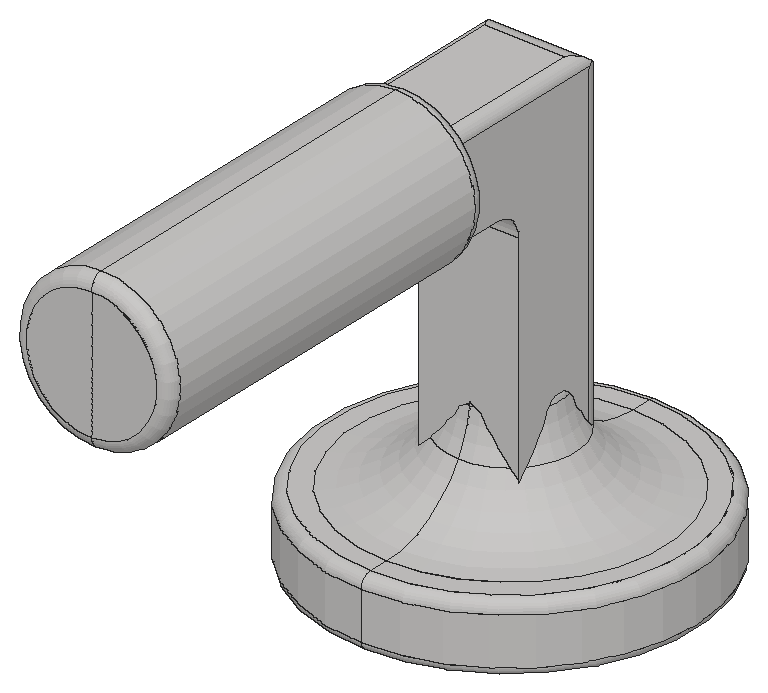
Revit family "FG74835-SUP473283_BIM", category Plumbing Fixtures, host Face, Revit 2014
Parameters (values of type "Standard")
  Width = 1 45/64"  # constant formula
  Vent Connection = no
  URL = ""
  Manufacturer = ""
  Faucet Material = Metal - Delta - Stainless-Steel
  Model = "FG74835-SUP473283"  # constant formula
  Height = 2 7/32"  # constant formula
  Description = "Faucet"  # constant formula
  Depth = 1 45/64"  # constant formula
  Default Elevation = 0"
Reference planes (in)
  plane 1 "Center (Front/Back)": y = 0
  plane 2: z = 0
  plane 3 "Center (Left/Right)": x = 0
  plane 4: y = 0.85156
  plane 5: y = -0.85156
  plane 6: z = 2.21875
  plane 7: x = 10.125
  plane 8: x = -0.85156
  plane 9: x = 0.85156
Forms (in)
  Revolve 1, solid, material "Metal - Delta - Stainless-Steel" <- "Faucet Material"
    sketch origin (0, 0, 0) x (0, 1, 0) y (0, 0, 1)
      loop
        arc (-0.85303, 0.03855) -> (-0.84174, 0.01129) -> (-0.81448, 0) r 0.03855
        line (-0.81448, 0) -> (-0.75805, 0) -> (-0.75805, 0.23031) -> (0, 0.23031) -> (0, 0.81812) -> (-0.1844, 0.81812) -> (-0.20718, 0.79534)
        arc (-0.20718, 0.79534) -> (-0.22517, 0.76979) -> (-0.2335, 0.73966) r 0.09135
        arc (-0.2335, 0.73966) -> (-0.25402, 0.6402) -> (-0.29497, 0.54727) r 0.48102
        arc (-0.29497, 0.54727) -> (-0.46859, 0.37291) -> (-0.70622, 0.30906) r 0.47409
        line (-0.70622, 0.30906) -> (-0.79944, 0.30906)
        arc (-0.79944, 0.30906) -> (-0.83733, 0.29336) -> (-0.85303, 0.25547) r 0.05359
        line (-0.85303, 0.25547) -> (-0.85303, 0.03855)
      axis (0, 0.81812) -> (0, 0)
    angle from 0 to 360
  Revolve 2, solid, material "Metal - Delta - Stainless-Steel" <- "Faucet Material"
    sketch origin (0, 0, 0) x (0, 1, 0) y (0, 0, 1)
      loop
        arc (-2.33811, 2.21875) -> (-2.38049, 2.2012) -> (-2.39804, 2.15883) r 0.05992
        line (-2.39804, 2.15883) -> (-2.39804, 1.85889) -> (-0.58684, 1.85889) -> (-0.58684, 2.15279)
        arc (-0.58684, 2.15279) -> (-0.60616, 2.19943) -> (-0.6528, 2.21875) r 0.06596
        line (-0.6528, 2.21875) -> (-2.33811, 2.21875)
      axis (-2.39804, 1.85889) -> (-0.58684, 1.85889)
    angle from 0 to 360
  Extrusion 3, solid, material "Metal - Delta - Stainless-Steel" <- "Faucet Material"
    sketch origin (0, 0, 0) x (0, 1, 0) y (0, 0, 1)
      loop
        line (0.09873, 2.08566) -> (-0.62288, 2.08566) -> (-0.62288, 1.62799) -> (-0.35531, 1.62799)
        arc (-0.35531, 1.62799) -> (-0.2676, 1.59166) -> (-0.23126, 1.50394) r 0.12405
        line (-0.23126, 1.50394) -> (-0.23126, 0.46271) -> (0.22519, 0.46271) -> (0.22519, 1.9592)
        arc (0.22519, 1.9592) -> (0.18815, 2.04862) -> (0.09873, 2.08566) r 0.12646
    from -0.23222 to 0.22424
  Sweep 4, void
    path in 3D
      loop
        line (0.22424, 0.22519, 0.46271) -> (0.22424, 0.22519, 2.23382)
    profile origin (0.22424, 0.22519, 1.34827) x (0, -1, 0) y (1, 0, 0)
      loop
        line (0, 0) -> (0, -0.054)
        arc (0, -0.054) -> (0.01582, -0.01582) -> (0.054, 0) r 0.054
        line (0.054, 0) -> (0, 0)
  Sweep 5, void
    path in 3D
      loop
        line (0.22424, 0.30448, 2.08566) -> (0.22424, -0.62288, 2.08566)
    profile origin (0.22424, -0.1592, 2.08566) x (1, 0, 0) y (0, 0, 1)
      loop
        line (0, 0) -> (-0.05469, 0)
        arc (-0.05469, 0) -> (-0.01602, -0.01602) -> (0, -0.05469) r 0.05469
        line (0, -0.05469) -> (0, 0)
  Sweep 6, void
    path in 3D
      loop
        line (-0.23222, 0.22519, 2.14912) -> (-0.23222, 0.22519, 0.46271)
    profile origin (-0.23222, 0.22519, 1.30592) x (-1, 0, 0) y (0, -1, 0)
      loop
        line (0, 0) -> (0, 0.03516)
        arc (0, 0.03516) -> (-0.0103, 0.0103) -> (-0.03516, 0) r 0.03516
        line (-0.03516, 0) -> (0, 0)
  Sweep 7, void
    path in 3D
      loop
        line (-0.23222, -0.62288, 2.08566) -> (-0.23222, 0.28253, 2.08566)
    profile origin (-0.23222, -0.17017, 2.08566) x (-1, 0, 0) y (0, 0, 1)
      loop
        line (0, 0) -> (-0.03516, 0)
        arc (-0.03516, 0) -> (-0.0103, -0.0103) -> (0, -0.03516) r 0.03516
        line (0, -0.03516) -> (0, 0)
Cuts and joins
  Sweep 7 cuts Revolve 2
  Sweep 4, Sweep 5, Sweep 6, Sweep 7 cuts Extrusion 3
  joined: Revolve 2, Extrusion 3
  Sweep 6 cuts Revolve 1
Lines and regions (in)
  sketch lines
    curve 1: line (0.22424, 0.22519, 0.46271) -> (0.22424, 0.22519, 2.23382)
    curve 2: line (0.22424, 0.30448, 2.08566) -> (0.22424, -0.62288, 2.08566)
    curve 3: line (-0.23222, 0.22519, 2.14912) -> (-0.23222, 0.22519, 0.46271)
    curve 4: line (-0.23222, -0.62288, 2.08566) -> (-0.23222, 0.28253, 2.08566)
Dimensions and locks (in)
  equal spacing: plane 4, plane 1 "Center (Front/Back)", plane 5
  "Depth": plane 4 to plane 5
  "Height": plane 6 to plane 2
  equal spacing: plane 8, plane 3 "Center (Left/Right)", plane 9
  "Width": plane 8 to plane 9
  aligned and locked: plane 2 to host face
  aligned and locked: level to host face
Automatic sketch dimensions
  host sketch curve to host sketch curve = 96"  (x2)
  plane 6 to Revolve 2 sketch curve = 0"
  plane 6 to Revolve 2 sketch curve = 0.35986"  (x2)
  Revolve 2 sketch curve to plane 5 = 1.54647"
  plane 6 to Revolve 2 sketch curve = 0.05992"
  plane 5 to Revolve 2 sketch curve = 0.19876"
  plane 5 to Revolve 2 sketch curve = 0.26472"
  Revolve 2 sketch curve to plane 5 = 0.64088"
  Revolve 2 sketch curve to Revolve 2 sketch curve = 0.11728"
  plane 6 to Extrusion 3 sketch curve = 0.13309"
  plane 5 to Extrusion 3 sketch curve = 0.22868"
  Extrusion 3 sketch curve to Extrusion 3 sketch curve = 0.26756"
  plane 1 "Center (Front/Back)" to Extrusion 3 sketch curve = 0.23126"
  Extrusion 3 sketch curve to plane 1 "Center (Front/Back)" = 0.09873"
  Extrusion 3 sketch curve to plane 1 "Center (Front/Back)" = 0.22519"
  Extrusion 3 sketch curve to Extrusion 3 sketch curve = 0.45767"
  level to Extrusion 3 sketch curve = 0.46271"
  Sweep 4 sketch curve to profile plane = 0"  (x2)
  Sweep 4 sketch curve to profile plane = 0.054"
  Sweep 4 sketch curve to Sweep 4 sketch curve = 0.054"
  Sweep 5 sketch curve to profile plane = 0"
  profile plane to Sweep 5 sketch curve = 0"
  Sweep 5 sketch curve to Sweep 5 sketch curve = 7/128"
  Revolve 1 sketch curve to level = 0"
  Revolve 1 sketch curve to plane 1 "Center (Front/Back)" = 0"  (x2)
  plane 1 "Center (Front/Back)" to Revolve 1 sketch curve = 0.14259"
  Revolve 1 sketch curve to Revolve 1 sketch curve = 0.04182"
  Revolve 1 sketch curve to Revolve 1 sketch curve = 0.02278"  (x2)
  plane 5 to Revolve 1 sketch curve = 0.14535"
  Revolve 1 sketch curve to Revolve 1 sketch curve = 0.00601"
  plane 5 to Revolve 1 sketch curve = 0.09351"
  plane 5 to Revolve 1 sketch curve = 0.05212"
  plane 5 to Revolve 1 sketch curve = 0.03708"
  Revolve 1 sketch curve to plane 5 = 0.00146"
  Revolve 1 sketch curve to Revolve 1 sketch curve = 0.19177"
  Revolve 1 sketch curve to Revolve 1 sketch curve = 0.02515"
  Revolve 1 sketch curve to Revolve 1 sketch curve = 0.50043"
  Revolve 1 sketch curve to Revolve 1 sketch curve = 0.47409"
  Revolve 1 sketch curve to Revolve 1 sketch curve = 0.00345"
  Revolve 1 sketch curve to Revolve 1 sketch curve = 0.06459"
  Revolve 1 sketch curve to Revolve 1 sketch curve = 0"
  Revolve 1 sketch curve to Revolve 1 sketch curve = 0.13169"
  Revolve 1 sketch curve to Revolve 1 sketch curve = 0.14268"
  Sweep 6 sketch curve to profile plane = 0"  (x2)
  Sweep 6 sketch curve to profile plane = 9/256"  (x2)
  Sweep 7 sketch curve to profile plane = 0"  (x2)
  Sweep 7 sketch curve to Sweep 7 sketch curve = 9/256"
